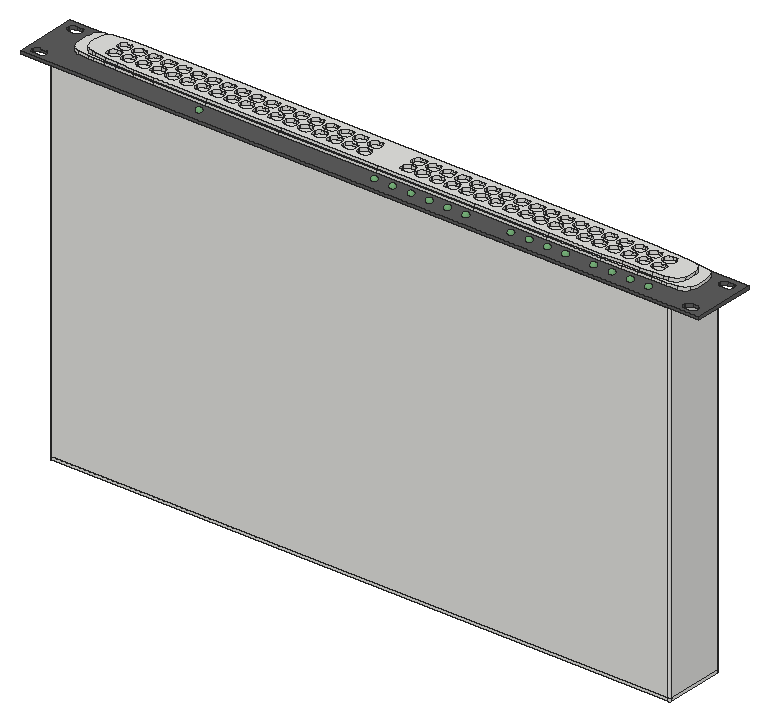
Revit family "Electronics_Expansion-Inputs_Biamp_Vocia_Input-Device_VI-6__", category Communication Devices, host Face, Revit 2020
Family settings
  Host = Face
  Maintain Annotation Orientation = No
  Round Connector Dimension = Use Diameter
  Part Type = Normal
  OmniClass Number = 23.85.10.11.14
  OmniClass Title = Audio Equipment
  Cut with Voids When Loaded = No
  Shared = No
  Room Calculation Point = No
Parameters (values of type "VI-6")
  Width = 1' - 7 1/64"  # constant formula
  Weight = 6.40 lbf
  Voltage = 0 V
  URL = "https://www.biamp.com/"
  Type Control Outputs = "Form C Voltage free change over contact\r\nForm C Voltage free change over contact"  # constant formula
  Type Control Inputs = "Digital, variable threshold"  # constant formula
  Temperature Range = "23 - 104° F (-5 – 40° C)"  # constant formula
  THD+N Mic/Line Inputs = "20Hz to 8kHz: <0.05%"  # constant formula
  THD+N Line Inputs = "20Hz to 8kHz: <0.02%"  # constant formula
  Sample Rate = "48kHz"  # constant formula
  Product data url = "https://www.bimobject.com/biamp/product/vocia-vi-6_expansion-input"
  Product Page URL = "https://www.biamp.com/products/product-families/vocia/vocia-expansion-inputs#vocia-vi-6"
  Product Documentation Link = "https://downloads.biamp.com/assets/docs/default-source/data-sheets/biamp_data_sheet_vocia_vi-6_oct18.pdf"
  Power Factor = 1
  Number of Poles = 1
  Network Connection = "Dual RJ45 with shielded Ethernet (CAT5, CAT5e, CAT6, or CAT7)"  # constant formula
  Model = "Vocia VI-6"
  Min Operating Load = "10µA at 10mV DC"  # constant formula
  Min Input Threshold = "150mV"  # constant formula
  Mic Inputs Phantom Power = "18V behind 3.3kOhm/leg"  # constant formula
  Mic Inputs Equivalent Input Noise = "<-126dBu"  # constant formula
  Max Switching Capacity = "37VA"  # constant formula
  Max Power Consumption = 0 W
  Max Operating Voltage = "125VAC, 60VDC"  # constant formula
  Max Input Voltage = "12V"  # constant formula
  Max Input Threshold = "10V"  # constant formula
  Manufacturer = "Biamp"  # constant formula
  Line Inputs Signal to Noise Ratio = ">84dB"  # constant formula
  Input Impedance Mic/Line Inputs = ">1kOhm"  # constant formula
  Input Impedance Line Inputs = ">10kOhm"  # constant formula
  Input Impedance = "100kOhm"  # constant formula
  Humidity = "0-95% relative humidity (non-condensing)"  # constant formula
  Housing Material = Biamp - Metal - Silver
  Height = 0' - 1 187/256"  # constant formula
  Frequency Response Mic/Line Inputs = "35Hz to 20kHz: ± 1dB"  # constant formula
  Frequency Response Line Inputs = "20Hz to 20kHz: ± 1dB"  # constant formula
  Dynamic Range = ">100dB"  # constant formula
  Description = "Vocia® VI-6 Input Device"
  Depth = 0' - 9 123/128"  # constant formula
  Default Elevation = 4' - 0"
  Crosstalk = "10kHz: < -75dB"  # constant formula
  Connector Description = "PoE IEEE 802.3af Class 0"  # constant formula
  Compliance = "CE marked (Europe); RoHS Directive (Europe)"  # constant formula
  Apparent Load = Max Power Consumption / Power Factor  # 0 VA
  Altitude = "0-10,000 ft (0-3000m) MSL"  # constant formula
  A/D Converters = "24-bit"  # constant formula
Reference planes (in)
  plane 1 "Center (Front/Back)": y = 0
  plane 2: z = 0
  plane 3 "Center (Left/Right)": x = 0
  plane 4: z = 0
  plane 5: y = 0.58468
  plane 6: y = -0.58468
  plane 7: x = 18.26102
Dimensions and locks (in)
  aligned and locked: plane 2 to host face
  aligned and locked: level to host face
Nested families (in)
  nested 1: "VI-6" at (9.13911, -0.865, -4.92126) x (1, 0, 0) z (0, 1, 0), type "VI-6"
Connectors (in)
  electrical at (17.26223, -0.02785, -9.80315)
    settings: on nested 1, index 1, voltage 0 V, apparent load 0 VA, apparent load phase1 0 VA, apparent load phase2 0 VA, apparent load phase3 0 VA, power factor 1, load classification "Other", number of poles 1, system type 5, power factor state 1, is connector primary yes, connector utility no, sub classification motor no, connector description "GND"
  electrical at (16.30703, -0.29753, -9.80315), driven by "Connector Description", driven by "Power Factor", driven by "Apparent Load", driven by "Voltage", driven by "Number of Poles"
    settings: on nested 1, index 2, voltage 0 V, apparent load 0 VA, apparent load phase1 0 VA, apparent load phase2 0 VA, apparent load phase3 0 VA, power factor 1, load classification "Other", number of poles 1, system type 31, power factor state 1, is connector primary no, connector utility no, sub classification motor no, connector description "PoE IEEE 802.3af Class 0"
  electrical at (13.48524, -0.39329, -9.80315)
    settings: on nested 1, index 5, voltage 0 V, apparent load 0 VA, apparent load phase1 0 VA, apparent load phase2 0 VA, apparent load phase3 0 VA, power factor 1, load classification "Other", number of poles 1, system type 5, power factor state 1, is connector primary no, connector utility no, sub classification motor no, connector description "Control Output 1"
  electrical at (12.83548, -0.39329, -9.80315)
    settings: on nested 1, index 6, voltage 0 V, apparent load 0 VA, apparent load phase1 0 VA, apparent load phase2 0 VA, apparent load phase3 0 VA, power factor 1, load classification "Other", number of poles 1, system type 5, power factor state 1, is connector primary no, connector utility no, sub classification motor no, connector description "Control Outputs 2"
  electrical at (12.10962, -0.39329, -9.80315)
    settings: on nested 1, index 7, voltage 0 V, apparent load 0 VA, apparent load phase1 0 VA, apparent load phase2 0 VA, apparent load phase3 0 VA, power factor 1, load classification "Other", number of poles 1, system type 5, power factor state 1, is connector primary no, connector utility no, sub classification motor no, connector description "Control Outputs 3"
  electrical at (11.46167, -0.39329, -9.80315)
    settings: on nested 1, index 8, voltage 0 V, apparent load 0 VA, apparent load phase1 0 VA, apparent load phase2 0 VA, apparent load phase3 0 VA, power factor 1, load classification "Other", number of poles 1, system type 5, power factor state 1, is connector primary no, connector utility no, sub classification motor no, connector description "Control Outputs 4"
  electrical at (10.30025, -0.39329, -9.80315)
    settings: on nested 1, index 9, voltage 0 V, apparent load 0 VA, apparent load phase1 0 VA, apparent load phase2 0 VA, apparent load phase3 0 VA, power factor 1, load classification "Other", number of poles 1, system type 5, power factor state 1, is connector primary no, connector utility no, sub classification motor no, connector description "Control Inputs (x2)"
  electrical at (9.62156, -0.39329, -9.80315)
    settings: on nested 1, index 10, voltage 0 V, apparent load 0 VA, apparent load phase1 0 VA, apparent load phase2 0 VA, apparent load phase3 0 VA, power factor 1, load classification "Other", number of poles 1, system type 5, power factor state 1, is connector primary no, connector utility no, sub classification motor no, connector description "Audio Input 2"
  electrical at (10.30025, 0.395, -9.80315)
    settings: on nested 1, index 11, voltage 0 V, apparent load 0 VA, apparent load phase1 0 VA, apparent load phase2 0 VA, apparent load phase3 0 VA, power factor 1, load classification "Other", number of poles 1, system type 5, power factor state 1, is connector primary no, connector utility no, sub classification motor no, connector description "Control Inputs (x2)"
  electrical at (9.62156, 0.395, -9.80315)
    settings: on nested 1, index 12, voltage 0 V, apparent load 0 VA, apparent load phase1 0 VA, apparent load phase2 0 VA, apparent load phase3 0 VA, power factor 1, load classification "Other", number of poles 1, system type 5, power factor state 1, is connector primary no, connector utility no, sub classification motor no, connector description "Audio Input 1"
  electrical at (8.88568, -0.29886, -9.80315)
    settings: on nested 1, index 13, voltage 0 V, apparent load 0 VA, apparent load phase1 0 VA, apparent load phase2 0 VA, apparent load phase3 0 VA, power factor 1, load classification "Other", number of poles 1, system type 5, power factor state 1, is connector primary no, connector utility no, sub classification motor no, connector description "Audio Input 2L"
  electrical at (8.88516, 0.25248, -9.80315)
    settings: on nested 1, index 14, voltage 0 V, apparent load 0 VA, apparent load phase1 0 VA, apparent load phase2 0 VA, apparent load phase3 0 VA, power factor 1, load classification "Other", number of poles 1, system type 5, power factor state 1, is connector primary no, connector utility no, sub classification motor no, connector description "Audio Input 1L"
  electrical at (8.17663, 0.25323, -9.80315)
    settings: on nested 1, index 15, voltage 0 V, apparent load 0 VA, apparent load phase1 0 VA, apparent load phase2 0 VA, apparent load phase3 0 VA, power factor 1, load classification "Other", number of poles 1, system type 5, power factor state 1, is connector primary no, connector utility no, sub classification motor no, connector description "Audio Input 1R"
  electrical at (7.46807, 0.25121, -9.80315)
    settings: on nested 1, index 16, voltage 0 V, apparent load 0 VA, apparent load phase1 0 VA, apparent load phase2 0 VA, apparent load phase3 0 VA, power factor 1, load classification "Other", number of poles 1, system type 5, power factor state 1, is connector primary no, connector utility no, sub classification motor no, connector description "Audio Input 3L"
  electrical at (6.7587, 0.25399, -9.80315)
    settings: on nested 1, index 17, voltage 0 V, apparent load 0 VA, apparent load phase1 0 VA, apparent load phase2 0 VA, apparent load phase3 0 VA, power factor 1, load classification "Other", number of poles 1, system type 5, power factor state 1, is connector primary no, connector utility no, sub classification motor no, connector description "Audio Input 3R"
  electrical at (6.75813, -0.29919, -9.80315)
    settings: on nested 1, index 18, voltage 0 V, apparent load 0 VA, apparent load phase1 0 VA, apparent load phase2 0 VA, apparent load phase3 0 VA, power factor 1, load classification "Other", number of poles 1, system type 5, power factor state 1, is connector primary no, connector utility no, sub classification motor no, connector description "Audio Input 4R"
  electrical at (7.46837, -0.30062, -9.80315)
    settings: on nested 1, index 19, voltage 0 V, apparent load 0 VA, apparent load phase1 0 VA, apparent load phase2 0 VA, apparent load phase3 0 VA, power factor 1, load classification "Other", number of poles 1, system type 5, power factor state 1, is connector primary no, connector utility no, sub classification motor no, connector description "Audio Input 4L"
  electrical at (8.1763, -0.2982, -9.80315)
    settings: on nested 1, index 20, voltage 0 V, apparent load 0 VA, apparent load phase1 0 VA, apparent load phase2 0 VA, apparent load phase3 0 VA, power factor 1, load classification "Other", number of poles 1, system type 5, power factor state 1, is connector primary no, connector utility no, sub classification motor no, connector description "Audio Input 2R"
  electrical at (5.40424, -0.30617, -9.80315)
    settings: on nested 1, index 21, voltage 0 V, apparent load 0 VA, apparent load phase1 0 VA, apparent load phase2 0 VA, apparent load phase3 0 VA, power factor 1, load classification "Other", number of poles 1, system type 5, power factor state 1, is connector primary no, connector utility no, sub classification motor no, connector description "Audio Input 6"
  electrical at (5.40424, 0.42455, -9.80315)
    settings: on nested 1, index 22, voltage 0 V, apparent load 0 VA, apparent load phase1 0 VA, apparent load phase2 0 VA, apparent load phase3 0 VA, power factor 1, load classification "Other", number of poles 1, system type 5, power factor state 1, is connector primary no, connector utility no, sub classification motor no, connector description "Audio Input 5"
  electrical at (4.35663, -0.2451, -9.80315)
    settings: on nested 1, index 23, voltage 0 V, apparent load 0 VA, apparent load phase1 0 VA, apparent load phase2 0 VA, apparent load phase3 0 VA, power factor 1, load classification "Other", number of poles 1, system type 5, power factor state 1, is connector primary no, connector utility no, sub classification motor no, connector description "Paging Port"
  electrical at (3.70669, -0.2451, -9.80315)
    settings: on nested 1, index 24, voltage 0 V, apparent load 0 VA, apparent load phase1 0 VA, apparent load phase2 0 VA, apparent load phase3 0 VA, power factor 1, load classification "Other", number of poles 1, system type 5, power factor state 1, is connector primary no, connector utility no, sub classification motor no, connector description "Paging Port"
  electrical at (3.05675, -0.2451, -9.80315)
    settings: on nested 1, index 25, voltage 0 V, apparent load 0 VA, apparent load phase1 0 VA, apparent load phase2 0 VA, apparent load phase3 0 VA, power factor 1, load classification "Other", number of poles 1, system type 5, power factor state 1, is connector primary no, connector utility no, sub classification motor no, connector description "Paging Port"
  electrical at (2.4068, -0.2451, -9.80315)
    settings: on nested 1, index 26, voltage 0 V, apparent load 0 VA, apparent load phase1 0 VA, apparent load phase2 0 VA, apparent load phase3 0 VA, power factor 1, load classification "Other", number of poles 1, system type 5, power factor state 1, is connector primary no, connector utility no, sub classification motor no, connector description "Paging Port"
  electrical at (6.03169, 0.42455, -9.80315)
    settings: on nested 1, index 27, voltage 0 V, apparent load 0 VA, apparent load phase1 0 VA, apparent load phase2 0 VA, apparent load phase3 0 VA, power factor 1, load classification "Other", number of poles 1, system type 5, power factor state 1, is connector primary no, connector utility no, sub classification motor no, connector description "Audio Input 3"
  electrical at (6.04153, -0.30617, -9.80315)
    settings: on nested 1, index 28, voltage 0 V, apparent load 0 VA, apparent load phase1 0 VA, apparent load phase2 0 VA, apparent load phase3 0 VA, power factor 1, load classification "Other", number of poles 1, system type 5, power factor state 1, is connector primary no, connector utility no, sub classification motor no, connector description "Audio Input 4"
Definition of nested family "VI-6"
  Parameters (values of type "VI-6")
    Width = 1' - 7.01575"
    VI-8 visible panel back = no
    VI-6 visible panel back = yes
    URL = ""
    Model = ""
    Material Table Mount = none
    Material Case = none
    Material 2 = none
    Material 1 = none
    Manufacturer = ""
    Height = 0' - 1.73228"
    Description = ""
    Depth = 0' - 9.96063"
    Default Elevation = 4' - 0"
  Reference planes (in)
    plane 1 "Center (Front/Back)": y = 0
    plane 2: z = 0
    plane 3 "Center (Left/Right)": x = 0
    plane 4: x = -9.50787
    plane 5: x = 9.50787
    plane 6 "1": y = 4.96063
    plane 7: y = -4.96063
    plane 8: y = -4.92126
    plane 9: y = -5
    plane 10: y = 4.88189
    plane 11: z = 1.73228
    plane 12: z = 0
    plane 13: x = 8.69968
    plane 14: x = -8.69887
    plane 15 "12": z = 0.39953
    plane 16: z = 0.34375
  Forms (in)
    Extrusion 1, solid
      sketch origin (0, 0, 0) x (1, 0, 0) y (0, 1, 0)
        loop
          line (-48, 48) -> (-48, -48) -> (48, -48) -> (48, 48) -> (-48, 48)
      from 0 to -12
    Extrusion 2, solid, material <- "Material Table Mount", detail levels fine
      sketch origin (0, 0, 0) x (1, 0, 0) y (0, 1, 0)
        loop
          line (-9.50787, -4.92126) -> (-9.50787, -5) -> (9.50787, -5) -> (9.50787, -4.92126) -> (-9.50787, -4.92126)
      from 0 to 1.73228
    Extrusion 3, void
      sketch origin (0, 0, 0) x (1, 0, 0) y (0, 0, 1)
        loop
          line (-9.07055, 1.598) -> (-9.20767, 1.598)
          arc (-9.20767, 1.598) -> (-9.29623, 1.56446) -> (-9.34035, 1.48066) r 0.13368
          line (-9.34035, 1.48066) -> (-9.34035, 1.44968)
          arc (-9.34035, 1.44968) -> (-9.29668, 1.36499) -> (-9.20767, 1.33099) r 0.13351
          line (-9.20767, 1.33099) -> (-9.07055, 1.33099)
          arc (-9.07055, 1.33099) -> (-8.98151, 1.36499) -> (-8.9378, 1.44968) r 0.13359
          line (-8.9378, 1.44968) -> (-8.9378, 1.48066)
          arc (-8.9378, 1.48066) -> (-8.98196, 1.56446) -> (-9.07055, 1.598) r 0.13377
        loop
          line (-9.07055, 0.35385) -> (-9.20767, 0.35385)
          arc (-9.20767, 0.35385) -> (-9.29623, 0.32031) -> (-9.34035, 0.2365) r 0.13368
          line (-9.34035, 0.2365) -> (-9.34035, 0.20553)
          arc (-9.34035, 0.20553) -> (-9.29668, 0.12084) -> (-9.20767, 0.08683) r 0.13351
          line (-9.20767, 0.08683) -> (-9.07055, 0.08683)
          arc (-9.07055, 0.08683) -> (-8.98151, 0.12083) -> (-8.9378, 0.20553) r 0.13359
          line (-8.9378, 0.20553) -> (-8.9378, 0.2365)
          arc (-8.9378, 0.2365) -> (-8.98196, 0.32031) -> (-9.07055, 0.35385) r 0.13377
        loop
          line (9.19047, 1.598) -> (9.05335, 1.598)
          arc (9.05335, 1.598) -> (8.96479, 1.56446) -> (8.92067, 1.48066) r 0.13368
          line (8.92067, 1.48066) -> (8.92067, 1.44968)
          arc (8.92067, 1.44968) -> (8.96434, 1.36499) -> (9.05335, 1.33099) r 0.13351
          line (9.05335, 1.33099) -> (9.19047, 1.33099)
          arc (9.19047, 1.33099) -> (9.27951, 1.36499) -> (9.32323, 1.44968) r 0.13359
          line (9.32323, 1.44968) -> (9.32323, 1.48066)
          arc (9.32323, 1.48066) -> (9.27906, 1.56446) -> (9.19047, 1.598) r 0.13377
        loop
          line (9.19047, 0.35385) -> (9.05335, 0.35385)
          arc (9.05335, 0.35385) -> (8.96479, 0.32031) -> (8.92067, 0.2365) r 0.13368
          line (8.92067, 0.2365) -> (8.92067, 0.20553)
          arc (8.92067, 0.20553) -> (8.96434, 0.12084) -> (9.05335, 0.08683) r 0.13351
          line (9.05335, 0.08683) -> (9.19047, 0.08683)
          arc (9.19047, 0.08683) -> (9.27951, 0.12083) -> (9.32323, 0.20553) r 0.13359
          line (9.32323, 0.20553) -> (9.32323, 0.2365)
          arc (9.32323, 0.2365) -> (9.27906, 0.32031) -> (9.19047, 0.35385) r 0.13377
      from 4.92126 to 5.01259
    Extrusion 4, solid, material <- "Material Table Mount", detail levels coarse+medium
      sketch origin (0, 0, 0.39953) x (-1, 0, 0) y (0, -1, 0)
        loop
          line (-9.50787, 4.92126) -> (9.50787, 4.92126) -> (9.50787, 5) -> (-9.50787, 5) -> (-9.50787, 4.92126)
      from -0.39953 to 1.33276
    Extrusion 5, solid, material <- "Material Case", detail levels coarse
      sketch origin (0, 0, 0.39953) x (-1, 0, 0) y (0, -1, 0)
        loop
          line (-8.69968, -4.96063) -> (8.69887, -4.96063) -> (8.69887, 4.92126) -> (-8.69968, 4.92126) -> (-8.69968, -4.96063)
      from -0.39953 to 1.33276
    Extrusion 6, void
      sketch origin (0, 4.96063, 0) x (-1, 0, 0) y (0, 0, 1)
        loop
          line (-7.49289, 0.83273) -> (-7.49289, 0.30221) -> (-6.84295, 0.30221) -> (-6.84295, 0.83273) -> (-7.49289, 0.83273)
        loop
          line (-4.64352, 0.57811) -> (-4.64352, 0.36531) -> (-4.04874, 0.36531) -> (-4.04874, 0.57811) -> (-4.64352, 0.57811)
        loop
          line (-3.2649, 0.57811) -> (-3.2649, 0.36531) -> (-2.67611, 0.36531) -> (-2.67611, 0.57811) -> (-3.2649, 0.57811)
        loop
          line (-2.61948, 0.57811) -> (-2.61948, 0.36531) -> (-2.02562, 0.36531) -> (-2.02562, 0.57811) -> (-2.61948, 0.57811)
        loop
          line (-3.98848, 0.57811) -> (-3.98848, 0.36531) -> (-3.40426, 0.36531) -> (-3.40426, 0.57811) -> (-3.98848, 0.57811)
        loop
          line (-1.48079, 1.36642) -> (-1.48079, 1.15358) -> (-0.84148, 1.15358) -> (-0.84148, 1.36642) -> (-1.48079, 1.36642)
        loop
          line (-0.80211, 1.36642) -> (-0.80211, 1.15358) -> (-0.16279, 1.15358) -> (-0.16279, 1.36642) -> (-0.80211, 1.36642)
        loop
          line (-1.48079, 0.57811) -> (-1.48079, 0.36531) -> (-0.84148, 0.36531) -> (-0.84148, 0.57811) -> (-1.48079, 0.57811)
        loop
          line (-0.80211, 0.57811) -> (-0.80211, 0.36531) -> (-0.16279, 0.36531) -> (-0.16279, 0.57811) -> (-0.80211, 0.57811)
        loop
          line (2.7976, 1.42553) -> (2.7976, 1.15358) -> (3.41724, 1.15358) -> (3.41724, 1.42553) -> (2.7976, 1.42553)
        loop
          line (4.03687, 1.15358) -> (4.03687, 1.42553) -> (3.43286, 1.42553) -> (3.43286, 1.15358) -> (4.03687, 1.15358)
        loop
          line (4.51676, 0.81697) -> (4.51676, 0.42284) -> (5.0482, 0.42284) -> (5.0482, 0.81697) -> (4.51676, 0.81697)
        loop
          line (5.1667, 0.81697) -> (5.1667, 0.42284) -> (5.69814, 0.42284) -> (5.69814, 0.81697) -> (5.1667, 0.81697)
        loop
          line (5.81663, 0.81697) -> (5.81663, 0.42284) -> (6.3481, 0.42284) -> (6.3481, 0.81697) -> (5.81663, 0.81697)
        loop
          line (6.46659, 0.81697) -> (6.46659, 0.42284) -> (6.99803, 0.42284) -> (6.99803, 0.81697) -> (6.46659, 0.81697)
        loop
          circle (-8.12311, 0.83715) r 0.16424
        loop
          circle (-5.50641, 0.49888) r 0.21654
        loop
          circle (-5.03613, 0.49925) r 0.21654
        loop
          circle (0.25395, 1.11748) r 0.21654
        loop
          circle (0.96248, 1.11823) r 0.21654
        loop
          circle (0.96281, 0.5668) r 0.21654
        loop
          circle (0.25343, 0.56614) r 0.21654
        loop
          circle (1.67105, 1.11621) r 0.21654
        loop
          circle (2.38041, 1.11899) r 0.21844
        loop
          circle (2.38098, 0.56581) r 0.21654
        loop
          circle (1.67074, 0.56438) r 0.21654
        loop
          line (2.77793, 0.75235) -> (2.77793, 0.36531) -> (3.41724, 0.36531) -> (3.41724, 0.75235) -> (2.77793, 0.75235)
        loop
          line (4.03687, 0.36531) -> (4.03687, 0.75235) -> (3.43286, 0.75235) -> (3.43286, 0.36531) -> (4.03687, 0.36531)
      from -0.07874 to 0
    Extrusion 7, solid, material <- "Material Case", visible <- "VI-6 visible panel back", detail levels fine
      sketch origin (0, 4.96063, 0) x (-1, 0, 0) y (0, 0, 1)
        loop
          arc (-8.63276, 1.73228) -> (-8.68008, 1.71268) -> (-8.69968, 1.66535) r 0.06693
          line (-8.69968, 1.66535) -> (-8.69968, 0.06693)
          arc (-8.69968, 0.06693) -> (-8.68008, 0.0196) -> (-8.63276, 0) r 0.06693
          line (-8.63276, 0) -> (8.63194, 0)
          arc (8.63194, 0) -> (8.67927, 0.0196) -> (8.69887, 0.06693) r 0.06693
          line (8.69887, 0.06693) -> (8.69887, 1.66535)
          arc (8.69887, 1.66535) -> (8.67927, 1.71268) -> (8.63194, 1.73228) r 0.06693
          line (8.63194, 1.73228) -> (-8.63276, 1.73228)
      from -0.07874 to 0
    Extrusion 8, solid, material <- "Material Case", detail levels fine
      sketch origin (0, 0, 0) x (1, 0, 0) y (0, 0, 1)
        loop
          arc (-8.63194, 1.73228) -> (-8.67927, 1.71268) -> (-8.69887, 1.66535) r 0.06693
          line (-8.69887, 1.66535) -> (-8.69887, 0.06693)
          arc (-8.69887, 0.06693) -> (-8.67927, 0.0196) -> (-8.63194, 0) r 0.06693
          line (-8.63194, 0) -> (8.63276, 0)
          arc (8.63276, 0) -> (8.68008, 0.0196) -> (8.69968, 0.06693) r 0.06693
          line (8.69968, 0.06693) -> (8.69968, 1.66535)
          arc (8.69968, 1.66535) -> (8.68008, 1.71268) -> (8.63276, 1.73228) r 0.06693
          line (8.63276, 1.73228) -> (-8.63194, 1.73228)
      from -4.88189 to 4.92126
    Extrusion 9, solid, material <- "Material Case", detail levels medium
      sketch origin (1.5748, 0, 0) x (1, 0, 0) y (0, 0, 1)
        loop
          arc (-10.20675, 1.73228) -> (-10.25407, 1.71268) -> (-10.27368, 1.66535) r 0.06693
          line (-10.27368, 1.66535) -> (-10.27368, 0.06693)
          arc (-10.27368, 0.06693) -> (-10.25407, 0.0196) -> (-10.20675, 0) r 0.06693
          line (-10.20675, 0) -> (7.05795, 0)
          arc (7.05795, 0) -> (7.10528, 0.0196) -> (7.12488, 0.06693) r 0.06693
          line (7.12488, 0.06693) -> (7.12488, 1.66377)
          arc (7.12488, 1.66377) -> (7.10481, 1.71222) -> (7.05636, 1.73228) r 0.06852
          line (7.05636, 1.73228) -> (-10.20675, 1.73228)
      from -4.96063 to 4.92126
    Extrusion 10, solid, material <- "Material Case", visible <- "VI-8 visible panel back", detail levels fine
      sketch origin (0, 4.96063, 0) x (-1, 0, 0) y (0, 0, 1)
        loop
          line (8.63194, 1.73228) -> (-8.63276, 1.73228)
          arc (-8.63276, 1.73228) -> (-8.68008, 1.71268) -> (-8.69968, 1.66535) r 0.06693
          line (-8.69968, 1.66535) -> (-8.69968, 0.06693)
          arc (-8.69968, 0.06693) -> (-8.68008, 0.0196) -> (-8.63276, 0) r 0.06693
          line (-8.63276, 0) -> (8.63194, 0)
          arc (8.63194, 0) -> (8.67927, 0.0196) -> (8.69887, 0.06693) r 0.06693
          line (8.69887, 0.06693) -> (8.69887, 1.66535)
          arc (8.69887, 1.66535) -> (8.67927, 1.71268) -> (8.63194, 1.73228) r 0.06693
      from -0.07874 to 0
    Extrusion 11, void
      sketch origin (0, 4.96063, 0) x (-1, 0, 0) y (0, 0, 1)
        loop
          circle (-8.11864, 0.88247) r 0.16415
        loop
          line (-5.61749, 0.3033) -> (-5.61749, 0.65589) -> (-6.01608, 0.65589) -> (-6.01608, 0.3033) -> (-5.61749, 0.3033)
        loop
          line (-5.6055, 0.3033) -> (-5.20787, 0.3033) -> (-5.20787, 0.65589) -> (-5.6055, 0.65589) -> (-5.6055, 0.3033)
        loop
          line (-4.10704, 0.43777) -> (-4.10704, 0.83147) -> (-4.63854, 0.83147) -> (-4.63854, 0.43777) -> (-4.10704, 0.43777)
        loop
          line (-4.00862, 0.83147) -> (-4.00862, 0.43777) -> (-3.47712, 0.43777) -> (-3.47712, 0.83147) -> (-4.00862, 0.83147)
        loop
          line (-1.48691, 1.29489) -> (-2.08691, 1.29489) -> (-2.08691, 0.9563) -> (-1.48691, 0.9563) -> (-1.48691, 1.29489)
        loop
          line (-1.36191, 0.9563) -> (-0.76191, 0.9563) -> (-0.76191, 1.29489) -> (-1.36191, 1.29489) -> (-1.36191, 0.9563)
        loop
          line (-0.31191, 1.29489) -> (-0.31191, 0.9563) -> (0.28809, 0.9563) -> (0.28809, 1.29489) -> (-0.31191, 1.29489)
        loop
          line (0.41309, 0.9563) -> (1.01309, 0.9563) -> (1.01309, 1.29489) -> (0.41309, 1.29489) -> (0.41309, 0.9563)
        loop
          line (1.85037, 1.29489) -> (1.85037, 0.9563) -> (2.45037, 0.9563) -> (2.45037, 1.29489) -> (1.85037, 1.29489)
        loop
          line (2.57537, 0.9563) -> (3.17537, 0.9563) -> (3.17537, 1.29489) -> (2.57537, 1.29489) -> (2.57537, 0.9563)
        loop
          line (3.62509, 1.29288) -> (3.62509, 0.9543) -> (4.22508, 0.9543) -> (4.22508, 1.29288) -> (3.62509, 1.29288)
        loop
          line (4.35008, 1.29288) -> (4.35008, 0.9543) -> (4.9501, 0.9543) -> (4.9501, 1.29288) -> (4.35008, 1.29288)
        loop
          line (3.60513, 0.65389) -> (3.60513, 0.3153) -> (4.80513, 0.3153) -> (4.80513, 0.65389) -> (3.60513, 0.65389)
        loop
          line (5.22514, 0.65389) -> (5.22514, 0.3153) -> (6.42514, 0.3153) -> (6.42514, 0.65389) -> (5.22514, 0.65389)
        loop
          line (6.84512, 0.65389) -> (6.84512, 0.3153) -> (8.04512, 0.3153) -> (8.04512, 0.65389) -> (6.84512, 0.65389)
        loop
          line (-0.3489, 0.5673) -> (-0.3489, 0.3173) -> (0.04874, 0.3173) -> (0.04874, 0.5673) -> (-0.3489, 0.5673)
        loop
          line (0.06449, 0.5673) -> (0.06449, 0.3173) -> (0.46213, 0.3173) -> (0.46213, 0.5673) -> (0.06449, 0.5673)
        loop
          line (0.5331, 0.5673) -> (0.5331, 0.3173) -> (0.93207, 0.3173) -> (0.93207, 0.5673) -> (0.5331, 0.5673)
        loop
          line (0.94406, 0.5673) -> (0.94406, 0.3173) -> (1.34413, 0.3173) -> (1.34413, 0.5673) -> (0.94406, 0.5673)
        loop
          circle (-2.07835, 0.51001) r 0.21654
        loop
          circle (-1.60927, 0.51001) r 0.21654
      from -0.07874 to 0
    Revolve 12, solid, material <- "Material 2", detail levels fine
      sketch origin (9.50787, -5, 0) x (-1, 0, 0) y (0, 0, -1)
        loop
          arc (7.90989, -0.34375) -> (7.83115, -0.26501) -> (7.75241, -0.34375) r 0.07874
          line (7.75241, -0.34375) -> (7.90989, -0.34375)
        loop
          arc (8.42174, -0.34375) -> (8.343, -0.26501) -> (8.26426, -0.34375) r 0.07874
          line (8.26426, -0.34375) -> (8.42174, -0.34375)
        loop
          arc (8.93345, -0.34375) -> (8.85471, -0.26501) -> (8.77597, -0.34375) r 0.07874
          line (8.77597, -0.34375) -> (8.93345, -0.34375)
        loop
          arc (9.44516, -0.34375) -> (9.36642, -0.26501) -> (9.28768, -0.34375) r 0.07874
          line (9.28768, -0.34375) -> (9.44516, -0.34375)
        loop
          arc (14.36408, -0.34375) -> (14.28534, -0.26501) -> (14.2066, -0.34375) r 0.07874
          line (14.2066, -0.34375) -> (14.36408, -0.34375)
        loop
          arc (5.62424, -0.34375) -> (5.5455, -0.26501) -> (5.46676, -0.34375) r 0.07874
          line (5.46676, -0.34375) -> (5.62424, -0.34375)
        loop
          arc (5.11235, -0.34375) -> (5.03361, -0.26501) -> (4.95487, -0.34375) r 0.07874
          line (4.95487, -0.34375) -> (5.11235, -0.34375)
        loop
          arc (4.60046, -0.34375) -> (4.52172, -0.26501) -> (4.44298, -0.34375) r 0.07874
          line (4.44298, -0.34375) -> (4.60046, -0.34375)
        loop
          arc (4.08849, -0.34375) -> (4.00975, -0.26501) -> (3.93101, -0.34375) r 0.07874
          line (3.93101, -0.34375) -> (4.08849, -0.34375)
        loop
          arc (3.30147, -0.34375) -> (3.22273, -0.26501) -> (3.14399, -0.34375) r 0.07874
          line (3.14399, -0.34375) -> (3.30147, -0.34375)
        loop
          arc (2.78953, -0.34375) -> (2.71079, -0.26501) -> (2.63205, -0.34375) r 0.07874
          line (2.63205, -0.34375) -> (2.78953, -0.34375)
        loop
          arc (2.27759, -0.34375) -> (2.19885, -0.26501) -> (2.12011, -0.34375) r 0.07874
          line (2.12011, -0.34375) -> (2.27759, -0.34375)
        loop
          arc (1.76526, -0.34375) -> (1.68652, -0.26501) -> (1.60778, -0.34375) r 0.07874
          line (1.60778, -0.34375) -> (1.76526, -0.34375)
        loop
          arc (6.88633, -0.34375) -> (6.80759, -0.26501) -> (6.72885, -0.34375) r 0.07874
          line (6.72885, -0.34375) -> (6.88633, -0.34375)
        loop
          arc (7.39818, -0.34375) -> (7.31944, -0.26501) -> (7.2407, -0.34375) r 0.07874
          line (7.2407, -0.34375) -> (7.39818, -0.34375)
        axis (14.36408, -0.34375) -> (1.60778, -0.34375)
      angle from 360 to 180
    Extrusion 13, solid, material <- "Material 1", detail levels medium+fine
      sketch origin (-0.00359, 0, 0) x (1, 0, 0) y (0, 0, 1)
        loop
          spline (-8.64077, 1.5063) -> (-8.65735, 1.45449) -> (-8.67111, 1.39928) -> (-8.68189, 1.34132) -> (-8.68957, 1.2813) -> (-8.69405, 1.21991) -> (-8.69529, 1.15789) -> (-8.69326, 1.09595) -> (-8.688, 1.03483) -> (-8.67956, 0.97524) -> (-8.66804, 0.91788) -> (-8.65359, 0.86344) -> (-8.63636, 0.81254)
          arc (-8.63636, 0.81254) -> (-8.53568, 0.71131) -> (-8.3997, 0.66781) r 0.30126
          line (-8.3997, 0.66781) -> (-8.09718, 0.64647) -> (-7.96202, 0.63909) -> (-7.67946, 0.629) -> (-7.31432, 0.62036) -> (-6.85355, 0.61315) -> (-6.28557, 0.6074) -> (-4.78587, 0.59874) -> (-2.72254, 0.59296) -> (0.00007, 0.59153) -> (2.72124, 0.59296) -> (4.78457, 0.59874) -> (6.28425, 0.6074) -> (6.85225, 0.61315) -> (7.31301, 0.62036) -> (7.67815, 0.629) -> (7.96073, 0.63909) -> (8.10159, 0.64678) -> (8.3997, 0.66781)
          arc (8.3997, 0.66781) -> (8.53568, 0.71131) -> (8.63636, 0.81254) r 0.30126
          spline (8.63636, 0.81254) -> (8.65359, 0.86344) -> (8.66804, 0.91788) -> (8.67956, 0.97524) -> (8.688, 1.03483) -> (8.69326, 1.09595) -> (8.69529, 1.15789) -> (8.69405, 1.21991) -> (8.68957, 1.2813) -> (8.68189, 1.34132) -> (8.67111, 1.39928) -> (8.65735, 1.45449) -> (8.64077, 1.5063)
          arc (8.64077, 1.5063) -> (8.53939, 1.61277) -> (8.3997, 1.65858) r 0.30126
          line (8.3997, 1.65858) -> (8.09857, 1.67982) -> (7.96202, 1.68728) -> (7.67946, 1.69738) -> (7.31432, 1.70603) -> (6.85355, 1.71324) -> (6.28557, 1.71901) -> (4.78587, 1.72765) -> (2.72254, 1.73341) -> (0, 1.73341) -> (-2.72254, 1.73341) -> (-4.78587, 1.72765) -> (-6.28557, 1.71901) -> (-6.85355, 1.71324) -> (-7.31432, 1.70603) -> (-7.67946, 1.69738) -> (-7.96202, 1.68728) -> (-8.09857, 1.67982) -> (-8.3997, 1.65858)
          arc (-8.3997, 1.65858) -> (-8.53939, 1.61277) -> (-8.64077, 1.5063) r 0.30126
      from 5 to 5.07874
    Extrusion 14, solid, material <- "Material 1", detail levels medium+fine
      sketch origin (-0.00359, -0.15748, 0) x (1, 0, 0) y (0, 0, 1)
        loop
          spline (-8.37154, 1.29486) -> (-8.37332, 1.26859) -> (-8.37451, 1.24218) -> (-8.37511, 1.21568) -> (-8.37511, 1.18916) -> (-8.37452, 1.16266) -> (-8.37333, 1.13625) -> (-8.37155, 1.10998) -> (-8.36918, 1.08391) -> (-8.36623, 1.05809) -> (-8.36271, 1.03258) -> (-8.35862, 1.00744) -> (-8.35396, 0.98271)
          arc (-8.35396, 0.98271) -> (-8.25757, 0.81591) -> (-8.07982, 0.74163) r 0.30126
          line (-8.07982, 0.74163) -> (-7.95889, 0.72678) -> (-7.67889, 0.69972) -> (-7.31401, 0.68698) -> (-6.85337, 0.67739) -> (-6.28549, 0.66748) -> (-4.78587, 0.64526) -> (-2.72254, 0.63949) -> (0.00007, 0.63805) -> (2.72124, 0.63949) -> (4.78457, 0.64526) -> (6.27228, 0.66588) -> (6.83902, 0.6729) -> (7.31292, 0.68465) -> (7.67104, 0.69942) -> (7.95889, 0.72678) -> (8.07982, 0.74163)
          arc (8.07982, 0.74163) -> (8.25757, 0.81591) -> (8.35396, 0.98271) r 0.30126
          spline (8.35396, 0.98271) -> (8.35862, 1.00744) -> (8.36271, 1.03258) -> (8.36623, 1.05809) -> (8.36918, 1.08391) -> (8.37155, 1.10998) -> (8.37333, 1.13625) -> (8.37452, 1.16266) -> (8.37511, 1.18916) -> (8.37511, 1.21568) -> (8.37451, 1.24218) -> (8.37332, 1.26859) -> (8.37154, 1.29486)
          arc (8.37154, 1.29486) -> (8.2982, 1.49367) -> (8.1122, 1.5952) r 0.30168
          line (8.1122, 1.5952) -> (7.92694, 1.62145) -> (7.67897, 1.63879) -> (7.32026, 1.65132) -> (6.85311, 1.66718) -> (6.28557, 1.68133) -> (4.78587, 1.68997) -> (2.72254, 1.69573) -> (0, 1.69573) -> (-2.72254, 1.69573) -> (-4.78587, 1.68997) -> (-6.28557, 1.67233) -> (-6.84373, 1.66574) -> (-7.31432, 1.65042) -> (-7.67946, 1.63496) -> (-7.92694, 1.62145) -> (-8.1122, 1.5952)
          arc (-8.1122, 1.5952) -> (-8.2982, 1.49367) -> (-8.37154, 1.29486) r 0.30168
        loop
          arc (-7.46372, 1.36914) -> (-7.50281, 1.46352) -> (-7.5972, 1.50262) r 0.13348
          line (-7.5972, 1.50262) -> (-7.68831, 1.50262)
          arc (-7.68831, 1.50262) -> (-7.78269, 1.46352) -> (-7.82179, 1.36914) r 0.13348
          line (-7.82179, 1.36914) -> (-7.82179, 1.32816)
          arc (-7.82179, 1.32816) -> (-7.78088, 1.22938) -> (-7.68211, 1.18847) r 0.13968
          line (-7.68211, 1.18847) -> (-7.6034, 1.18847)
          arc (-7.6034, 1.18847) -> (-7.50463, 1.22938) -> (-7.46372, 1.32816) r 0.13968
          line (-7.46372, 1.32816) -> (-7.46372, 1.36914)
        loop
          arc (-7.05847, 1.36914) -> (-7.09756, 1.46352) -> (-7.19195, 1.50262) r 0.13348
          line (-7.19195, 1.50262) -> (-7.28306, 1.50262)
          arc (-7.28306, 1.50262) -> (-7.37744, 1.46352) -> (-7.41654, 1.36914) r 0.13348
          line (-7.41654, 1.36914) -> (-7.41654, 1.32816)
          arc (-7.41654, 1.32816) -> (-7.37563, 1.22938) -> (-7.27685, 1.18847) r 0.13968
          line (-7.27685, 1.18847) -> (-7.19815, 1.18847)
          arc (-7.19815, 1.18847) -> (-7.09938, 1.22938) -> (-7.05847, 1.32816) r 0.13968
          line (-7.05847, 1.32816) -> (-7.05847, 1.36914)
        loop
          arc (-6.64583, 1.36914) -> (-6.68492, 1.46352) -> (-6.77931, 1.50262) r 0.13348
          line (-6.77931, 1.50262) -> (-6.87042, 1.50262)
          arc (-6.87042, 1.50262) -> (-6.96481, 1.46352) -> (-7.0039, 1.36914) r 0.13348
          line (-7.0039, 1.36914) -> (-7.0039, 1.32816)
          arc (-7.0039, 1.32816) -> (-6.96299, 1.22938) -> (-6.86422, 1.18847) r 0.13968
          line (-6.86422, 1.18847) -> (-6.78551, 1.18847)
          arc (-6.78551, 1.18847) -> (-6.68674, 1.22938) -> (-6.64583, 1.32816) r 0.13968
          line (-6.64583, 1.32816) -> (-6.64583, 1.36914)
        loop
          arc (-6.22965, 1.36914) -> (-6.26875, 1.46352) -> (-6.36313, 1.50262) r 0.13348
          line (-6.36313, 1.50262) -> (-6.45424, 1.50262)
          arc (-6.45424, 1.50262) -> (-6.54863, 1.46352) -> (-6.58773, 1.36914) r 0.13348
          line (-6.58773, 1.36914) -> (-6.58773, 1.32816)
          arc (-6.58773, 1.32816) -> (-6.54681, 1.22938) -> (-6.44804, 1.18847) r 0.13968
          line (-6.44804, 1.18847) -> (-6.36934, 1.18847)
          arc (-6.36934, 1.18847) -> (-6.27057, 1.22938) -> (-6.22965, 1.32816) r 0.13968
          line (-6.22965, 1.32816) -> (-6.22965, 1.36914)
        loop
          arc (-5.81739, 1.36914) -> (-5.85649, 1.46352) -> (-5.95088, 1.50262) r 0.13348
          line (-5.95088, 1.50262) -> (-6.04199, 1.50262)
          arc (-6.04199, 1.50262) -> (-6.13637, 1.46352) -> (-6.17547, 1.36914) r 0.13348
          line (-6.17547, 1.36914) -> (-6.17547, 1.32816)
          arc (-6.17547, 1.32816) -> (-6.13455, 1.22938) -> (-6.03578, 1.18847) r 0.13968
          line (-6.03578, 1.18847) -> (-5.95708, 1.18847)
          arc (-5.95708, 1.18847) -> (-5.85831, 1.22938) -> (-5.81739, 1.32816) r 0.13968
          line (-5.81739, 1.32816) -> (-5.81739, 1.36914)
        loop
          arc (-5.40456, 1.36914) -> (-5.44365, 1.46352) -> (-5.53804, 1.50262) r 0.13348
          line (-5.53804, 1.50262) -> (-5.62915, 1.50262)
          arc (-5.62915, 1.50262) -> (-5.72354, 1.46352) -> (-5.76263, 1.36914) r 0.13348
          line (-5.76263, 1.36914) -> (-5.76263, 1.32816)
          arc (-5.76263, 1.32816) -> (-5.72172, 1.22938) -> (-5.62295, 1.18847) r 0.13968
          line (-5.62295, 1.18847) -> (-5.54424, 1.18847)
          arc (-5.54424, 1.18847) -> (-5.44547, 1.22938) -> (-5.40456, 1.32816) r 0.13968
          line (-5.40456, 1.32816) -> (-5.40456, 1.36914)
        loop
          arc (-4.99172, 1.36914) -> (-5.03081, 1.46352) -> (-5.1252, 1.50262) r 0.13348
          line (-5.1252, 1.50262) -> (-5.21631, 1.50262)
          arc (-5.21631, 1.50262) -> (-5.31069, 1.46352) -> (-5.34979, 1.36914) r 0.13348
          line (-5.34979, 1.36914) -> (-5.34979, 1.32816)
          arc (-5.34979, 1.32816) -> (-5.30888, 1.22938) -> (-5.21011, 1.18847) r 0.13968
          line (-5.21011, 1.18847) -> (-5.1314, 1.18847)
          arc (-5.1314, 1.18847) -> (-5.03263, 1.22938) -> (-4.99172, 1.32816) r 0.13968
          line (-4.99172, 1.32816) -> (-4.99172, 1.36914)
        loop
          arc (-4.57541, 1.36914) -> (-4.61451, 1.46352) -> (-4.70889, 1.50262) r 0.13348
          line (-4.70889, 1.50262) -> (-4.8, 1.50262)
          arc (-4.8, 1.50262) -> (-4.89439, 1.46352) -> (-4.93348, 1.36914) r 0.13348
          line (-4.93348, 1.36914) -> (-4.93348, 1.32816)
          arc (-4.93348, 1.32816) -> (-4.89257, 1.22938) -> (-4.7938, 1.18847) r 0.13968
          line (-4.7938, 1.18847) -> (-4.71509, 1.18847)
          arc (-4.71509, 1.18847) -> (-4.61632, 1.22938) -> (-4.57541, 1.32816) r 0.13968
          line (-4.57541, 1.32816) -> (-4.57541, 1.36914)
        loop
          arc (-4.16257, 1.36914) -> (-4.20167, 1.46352) -> (-4.29606, 1.50262) r 0.13348
          line (-4.29606, 1.50262) -> (-4.38717, 1.50262)
          arc (-4.38717, 1.50262) -> (-4.48155, 1.46352) -> (-4.52065, 1.36914) r 0.13348
          line (-4.52065, 1.36914) -> (-4.52065, 1.32816)
          arc (-4.52065, 1.32816) -> (-4.47973, 1.22938) -> (-4.38096, 1.18847) r 0.13968
          line (-4.38096, 1.18847) -> (-4.30226, 1.18847)
          arc (-4.30226, 1.18847) -> (-4.20349, 1.22938) -> (-4.16257, 1.32816) r 0.13968
          line (-4.16257, 1.32816) -> (-4.16257, 1.36914)
        loop
          arc (-3.7532, 1.36914) -> (-3.7923, 1.46352) -> (-3.88669, 1.50262) r 0.13348
          line (-3.88669, 1.50262) -> (-3.9778, 1.50262)
          arc (-3.9778, 1.50262) -> (-4.07218, 1.46352) -> (-4.11128, 1.36914) r 0.13348
          line (-4.11128, 1.36914) -> (-4.11128, 1.32816)
          arc (-4.11128, 1.32816) -> (-4.07036, 1.22938) -> (-3.97159, 1.18847) r 0.13968
          line (-3.97159, 1.18847) -> (-3.89289, 1.18847)
          arc (-3.89289, 1.18847) -> (-3.79412, 1.22938) -> (-3.7532, 1.32816) r 0.13968
          line (-3.7532, 1.32816) -> (-3.7532, 1.36914)
        loop
          arc (-3.34036, 1.36914) -> (-3.37946, 1.46352) -> (-3.47384, 1.50262) r 0.13348
          line (-3.47384, 1.50262) -> (-3.56495, 1.50262)
          arc (-3.56495, 1.50262) -> (-3.65934, 1.46352) -> (-3.69843, 1.36914) r 0.13348
          line (-3.69843, 1.36914) -> (-3.69843, 1.32816)
          arc (-3.69843, 1.32816) -> (-3.65752, 1.22938) -> (-3.55875, 1.18847) r 0.13968
          line (-3.55875, 1.18847) -> (-3.48005, 1.18847)
          arc (-3.48005, 1.18847) -> (-3.38127, 1.22938) -> (-3.34036, 1.32816) r 0.13968
          line (-3.34036, 1.32816) -> (-3.34036, 1.36914)
        loop
          arc (-2.92405, 1.36914) -> (-2.96315, 1.46352) -> (-3.05754, 1.50262) r 0.13348
          line (-3.05754, 1.50262) -> (-3.14865, 1.50262)
          arc (-3.14865, 1.50262) -> (-3.24303, 1.46352) -> (-3.28213, 1.36914) r 0.13348
          line (-3.28213, 1.36914) -> (-3.28213, 1.32816)
          arc (-3.28213, 1.32816) -> (-3.24121, 1.22938) -> (-3.14244, 1.18847) r 0.13968
          line (-3.14244, 1.18847) -> (-3.06374, 1.18847)
          arc (-3.06374, 1.18847) -> (-2.96497, 1.22938) -> (-2.92405, 1.32816) r 0.13968
          line (-2.92405, 1.32816) -> (-2.92405, 1.36914)
        loop
          arc (-2.51122, 1.36914) -> (-2.55032, 1.46352) -> (-2.6447, 1.50262) r 0.13348
          line (-2.6447, 1.50262) -> (-2.73581, 1.50262)
          arc (-2.73581, 1.50262) -> (-2.8302, 1.46352) -> (-2.86929, 1.36914) r 0.13348
          line (-2.86929, 1.36914) -> (-2.86929, 1.32816)
          arc (-2.86929, 1.32816) -> (-2.82838, 1.22938) -> (-2.72961, 1.18847) r 0.13968
          line (-2.72961, 1.18847) -> (-2.6509, 1.18847)
          arc (-2.6509, 1.18847) -> (-2.55213, 1.22938) -> (-2.51122, 1.32816) r 0.13968
          line (-2.51122, 1.32816) -> (-2.51122, 1.36914)
        loop
          arc (-2.10165, 1.36914) -> (-2.14075, 1.46352) -> (-2.23514, 1.50262) r 0.13348
          line (-2.23514, 1.50262) -> (-2.32625, 1.50262)
          arc (-2.32625, 1.50262) -> (-2.42063, 1.46352) -> (-2.45973, 1.36914) r 0.13348
          line (-2.45973, 1.36914) -> (-2.45973, 1.32816)
          arc (-2.45973, 1.32816) -> (-2.41882, 1.22938) -> (-2.32004, 1.18847) r 0.13968
          line (-2.32004, 1.18847) -> (-2.24134, 1.18847)
          arc (-2.24134, 1.18847) -> (-2.14257, 1.22938) -> (-2.10165, 1.32816) r 0.13968
          line (-2.10165, 1.32816) -> (-2.10165, 1.36914)
        loop
          arc (-1.68901, 1.36914) -> (-1.7281, 1.46352) -> (-1.82249, 1.50262) r 0.13348
          line (-1.82249, 1.50262) -> (-1.9136, 1.50262)
          arc (-1.9136, 1.50262) -> (-2.00798, 1.46352) -> (-2.04708, 1.36914) r 0.13348
          line (-2.04708, 1.36914) -> (-2.04708, 1.32816)
          arc (-2.04708, 1.32816) -> (-2.00617, 1.22938) -> (-1.9074, 1.18847) r 0.13968
          line (-1.9074, 1.18847) -> (-1.82869, 1.18847)
          arc (-1.82869, 1.18847) -> (-1.72992, 1.22938) -> (-1.68901, 1.32816) r 0.13968
          line (-1.68901, 1.32816) -> (-1.68901, 1.36914)
        loop
          arc (-1.2727, 1.36914) -> (-1.3118, 1.46352) -> (-1.40618, 1.50262) r 0.13348
          line (-1.40618, 1.50262) -> (-1.49729, 1.50262)
          arc (-1.49729, 1.50262) -> (-1.59168, 1.46352) -> (-1.63077, 1.36914) r 0.13348
          line (-1.63077, 1.36914) -> (-1.63077, 1.32816)
          arc (-1.63077, 1.32816) -> (-1.58986, 1.22938) -> (-1.49109, 1.18847) r 0.13968
          line (-1.49109, 1.18847) -> (-1.41238, 1.18847)
          arc (-1.41238, 1.18847) -> (-1.31361, 1.22938) -> (-1.2727, 1.32816) r 0.13968
          line (-1.2727, 1.32816) -> (-1.2727, 1.36914)
        loop
          arc (-0.85986, 1.36914) -> (-0.89895, 1.46352) -> (-0.99334, 1.50262) r 0.13348
          line (-0.99334, 1.50262) -> (-1.08445, 1.50262)
          arc (-1.08445, 1.50262) -> (-1.17883, 1.46352) -> (-1.21793, 1.36914) r 0.13348
          line (-1.21793, 1.36914) -> (-1.21793, 1.32816)
          arc (-1.21793, 1.32816) -> (-1.17702, 1.22938) -> (-1.07825, 1.18847) r 0.13968
          line (-1.07825, 1.18847) -> (-0.99954, 1.18847)
          arc (-0.99954, 1.18847) -> (-0.90077, 1.22938) -> (-0.85986, 1.32816) r 0.13968
          line (-0.85986, 1.32816) -> (-0.85986, 1.36914)
        loop
          arc (-0.44355, 1.36914) -> (-0.48265, 1.46352) -> (-0.57703, 1.50262) r 0.13348
          line (-0.57703, 1.50262) -> (-0.66814, 1.50262)
          arc (-0.66814, 1.50262) -> (-0.76253, 1.46352) -> (-0.80162, 1.36914) r 0.13348
          line (-0.80162, 1.36914) -> (-0.80162, 1.32816)
          arc (-0.80162, 1.32816) -> (-0.76071, 1.22938) -> (-0.66194, 1.18847) r 0.13968
          line (-0.66194, 1.18847) -> (-0.58323, 1.18847)
          arc (-0.58323, 1.18847) -> (-0.48446, 1.22938) -> (-0.44355, 1.32816) r 0.13968
          line (-0.44355, 1.32816) -> (-0.44355, 1.36914)
        loop
          arc (0.77646, 1.36914) -> (0.73736, 1.46352) -> (0.64297, 1.50262) r 0.13348
          line (0.64297, 1.50262) -> (0.55186, 1.50262)
          arc (0.55186, 1.50262) -> (0.45748, 1.46352) -> (0.41838, 1.36914) r 0.13348
          line (0.41838, 1.36914) -> (0.41838, 1.32816)
          arc (0.41838, 1.32816) -> (0.45929, 1.22938) -> (0.55807, 1.18847) r 0.13968
          line (0.55807, 1.18847) -> (0.63677, 1.18847)
          arc (0.63677, 1.18847) -> (0.73554, 1.22938) -> (0.77646, 1.32816) r 0.13968
          line (0.77646, 1.32816) -> (0.77646, 1.36914)
        loop
          arc (1.18171, 1.36914) -> (1.14261, 1.46352) -> (1.04823, 1.50262) r 0.13348
          line (1.04823, 1.50262) -> (0.95712, 1.50262)
          arc (0.95712, 1.50262) -> (0.86273, 1.46352) -> (0.82363, 1.36914) r 0.13348
          line (0.82363, 1.36914) -> (0.82363, 1.32816)
          arc (0.82363, 1.32816) -> (0.86455, 1.22938) -> (0.96332, 1.18847) r 0.13968
          line (0.96332, 1.18847) -> (1.04202, 1.18847)
          arc (1.04202, 1.18847) -> (1.14079, 1.22938) -> (1.18171, 1.32816) r 0.13968
          line (1.18171, 1.32816) -> (1.18171, 1.36914)
        loop
          arc (1.59434, 1.36914) -> (1.55525, 1.46352) -> (1.46086, 1.50262) r 0.13348
          line (1.46086, 1.50262) -> (1.36975, 1.50262)
          arc (1.36975, 1.50262) -> (1.27537, 1.46352) -> (1.23627, 1.36914) r 0.13348
          line (1.23627, 1.36914) -> (1.23627, 1.32816)
          arc (1.23627, 1.32816) -> (1.27718, 1.22938) -> (1.37596, 1.18847) r 0.13968
          line (1.37596, 1.18847) -> (1.45466, 1.18847)
          arc (1.45466, 1.18847) -> (1.55343, 1.22938) -> (1.59434, 1.32816) r 0.13968
          line (1.59434, 1.32816) -> (1.59434, 1.36914)
        loop
          arc (2.01052, 1.36914) -> (1.97142, 1.46352) -> (1.87704, 1.50262) r 0.13348
          line (1.87704, 1.50262) -> (1.78593, 1.50262)
          arc (1.78593, 1.50262) -> (1.69154, 1.46352) -> (1.65245, 1.36914) r 0.13348
          line (1.65245, 1.36914) -> (1.65245, 1.32816)
          arc (1.65245, 1.32816) -> (1.69336, 1.22938) -> (1.79213, 1.18847) r 0.13968
          line (1.79213, 1.18847) -> (1.87083, 1.18847)
          arc (1.87083, 1.18847) -> (1.96961, 1.22938) -> (2.01052, 1.32816) r 0.13968
          line (2.01052, 1.32816) -> (2.01052, 1.36914)
        loop
          arc (2.42278, 1.36914) -> (2.38368, 1.46352) -> (2.2893, 1.50262) r 0.13348
          line (2.2893, 1.50262) -> (2.19819, 1.50262)
          arc (2.19819, 1.50262) -> (2.1038, 1.46352) -> (2.0647, 1.36914) r 0.13348
          line (2.0647, 1.36914) -> (2.0647, 1.32816)
          arc (2.0647, 1.32816) -> (2.10562, 1.22938) -> (2.20439, 1.18847) r 0.13968
          line (2.20439, 1.18847) -> (2.28309, 1.18847)
          arc (2.28309, 1.18847) -> (2.38187, 1.22938) -> (2.42278, 1.32816) r 0.13968
          line (2.42278, 1.32816) -> (2.42278, 1.36914)
        loop
          arc (2.83561, 1.36914) -> (2.79652, 1.46352) -> (2.70213, 1.50262) r 0.13348
          line (2.70213, 1.50262) -> (2.61102, 1.50262)
          arc (2.61102, 1.50262) -> (2.51664, 1.46352) -> (2.47754, 1.36914) r 0.13348
          line (2.47754, 1.36914) -> (2.47754, 1.32816)
          arc (2.47754, 1.32816) -> (2.51845, 1.22938) -> (2.61722, 1.18847) r 0.13968
          line (2.61722, 1.18847) -> (2.69593, 1.18847)
          arc (2.69593, 1.18847) -> (2.7947, 1.22938) -> (2.83561, 1.32816) r 0.13968
          line (2.83561, 1.32816) -> (2.83561, 1.36914)
        loop
          arc (3.24846, 1.36914) -> (3.20936, 1.46352) -> (3.11497, 1.50262) r 0.13348
          line (3.11497, 1.50262) -> (3.02386, 1.50262)
          arc (3.02386, 1.50262) -> (2.92948, 1.46352) -> (2.89038, 1.36914) r 0.13348
          line (2.89038, 1.36914) -> (2.89038, 1.32816)
          arc (2.89038, 1.32816) -> (2.93129, 1.22938) -> (3.03007, 1.18847) r 0.13968
          line (3.03007, 1.18847) -> (3.10877, 1.18847)
          arc (3.10877, 1.18847) -> (3.20754, 1.22938) -> (3.24846, 1.32816) r 0.13968
          line (3.24846, 1.32816) -> (3.24846, 1.36914)
        loop
          arc (3.66476, 1.36914) -> (3.62567, 1.46352) -> (3.53128, 1.50262) r 0.13348
          line (3.53128, 1.50262) -> (3.44017, 1.50262)
          arc (3.44017, 1.50262) -> (3.34579, 1.46352) -> (3.30669, 1.36914) r 0.13348
          line (3.30669, 1.36914) -> (3.30669, 1.32816)
          arc (3.30669, 1.32816) -> (3.3476, 1.22938) -> (3.44637, 1.18847) r 0.13968
          line (3.44637, 1.18847) -> (3.52508, 1.18847)
          arc (3.52508, 1.18847) -> (3.62385, 1.22938) -> (3.66476, 1.32816) r 0.13968
          line (3.66476, 1.32816) -> (3.66476, 1.36914)
        loop
          arc (4.0776, 1.36914) -> (4.0385, 1.46352) -> (3.94412, 1.50262) r 0.13348
          line (3.94412, 1.50262) -> (3.85301, 1.50262)
          arc (3.85301, 1.50262) -> (3.75862, 1.46352) -> (3.71952, 1.36914) r 0.13348
          line (3.71952, 1.36914) -> (3.71952, 1.32816)
          arc (3.71952, 1.32816) -> (3.76044, 1.22938) -> (3.85921, 1.18847) r 0.13968
          line (3.85921, 1.18847) -> (3.93791, 1.18847)
          arc (3.93791, 1.18847) -> (4.03669, 1.22938) -> (4.0776, 1.32816) r 0.13968
          line (4.0776, 1.32816) -> (4.0776, 1.36914)
        loop
          arc (4.48697, 1.36914) -> (4.44787, 1.46352) -> (4.35349, 1.50262) r 0.13348
          line (4.35349, 1.50262) -> (4.26238, 1.50262)
          arc (4.26238, 1.50262) -> (4.16799, 1.46352) -> (4.12889, 1.36914) r 0.13348
          line (4.12889, 1.36914) -> (4.12889, 1.32816)
          arc (4.12889, 1.32816) -> (4.16981, 1.22938) -> (4.26858, 1.18847) r 0.13968
          line (4.26858, 1.18847) -> (4.34728, 1.18847)
          arc (4.34728, 1.18847) -> (4.44606, 1.22938) -> (4.48697, 1.32816) r 0.13968
          line (4.48697, 1.32816) -> (4.48697, 1.36914)
        loop
          arc (4.89981, 1.36914) -> (4.86071, 1.46352) -> (4.76633, 1.50262) r 0.13348
          line (4.76633, 1.50262) -> (4.67522, 1.50262)
          arc (4.67522, 1.50262) -> (4.58083, 1.46352) -> (4.54174, 1.36914) r 0.13348
          line (4.54174, 1.36914) -> (4.54174, 1.32816)
          arc (4.54174, 1.32816) -> (4.58265, 1.22938) -> (4.68142, 1.18847) r 0.13968
          line (4.68142, 1.18847) -> (4.76013, 1.18847)
          arc (4.76013, 1.18847) -> (4.8589, 1.22938) -> (4.89981, 1.32816) r 0.13968
          line (4.89981, 1.32816) -> (4.89981, 1.36914)
        loop
          arc (5.31612, 1.36914) -> (5.27702, 1.46352) -> (5.18264, 1.50262) r 0.13348
          line (5.18264, 1.50262) -> (5.09153, 1.50262)
          arc (5.09153, 1.50262) -> (4.99714, 1.46352) -> (4.95804, 1.36914) r 0.13348
          line (4.95804, 1.36914) -> (4.95804, 1.32816)
          arc (4.95804, 1.32816) -> (4.99896, 1.22938) -> (5.09773, 1.18847) r 0.13968
          line (5.09773, 1.18847) -> (5.17643, 1.18847)
          arc (5.17643, 1.18847) -> (5.2752, 1.22938) -> (5.31612, 1.32816) r 0.13968
          line (5.31612, 1.32816) -> (5.31612, 1.36914)
        loop
          arc (5.72895, 1.36914) -> (5.68986, 1.46352) -> (5.59547, 1.50262) r 0.13348
          line (5.59547, 1.50262) -> (5.50436, 1.50262)
          arc (5.50436, 1.50262) -> (5.40998, 1.46352) -> (5.37088, 1.36914) r 0.13348
          line (5.37088, 1.36914) -> (5.37088, 1.32816)
          arc (5.37088, 1.32816) -> (5.41179, 1.22938) -> (5.51056, 1.18847) r 0.13968
          line (5.51056, 1.18847) -> (5.58927, 1.18847)
          arc (5.58927, 1.18847) -> (5.68804, 1.22938) -> (5.72895, 1.32816) r 0.13968
          line (5.72895, 1.32816) -> (5.72895, 1.36914)
        loop
          arc (6.13852, 1.36914) -> (6.09942, 1.46352) -> (6.00504, 1.50262) r 0.13348
          line (6.00504, 1.50262) -> (5.91393, 1.50262)
          arc (5.91393, 1.50262) -> (5.81954, 1.46352) -> (5.78044, 1.36914) r 0.13348
          line (5.78044, 1.36914) -> (5.78044, 1.32816)
          arc (5.78044, 1.32816) -> (5.82136, 1.22938) -> (5.92013, 1.18847) r 0.13968
          line (5.92013, 1.18847) -> (5.99883, 1.18847)
          arc (5.99883, 1.18847) -> (6.0976, 1.22938) -> (6.13852, 1.32816) r 0.13968
          line (6.13852, 1.32816) -> (6.13852, 1.36914)
        loop
          arc (6.55116, 1.36914) -> (6.51207, 1.46352) -> (6.41768, 1.50262) r 0.13348
          line (6.41768, 1.50262) -> (6.32657, 1.50262)
          arc (6.32657, 1.50262) -> (6.23219, 1.46352) -> (6.19309, 1.36914) r 0.13348
          line (6.19309, 1.36914) -> (6.19309, 1.32816)
          arc (6.19309, 1.32816) -> (6.234, 1.22938) -> (6.33278, 1.18847) r 0.13968
          line (6.33278, 1.18847) -> (6.41148, 1.18847)
          arc (6.41148, 1.18847) -> (6.51025, 1.22938) -> (6.55116, 1.32816) r 0.13968
          line (6.55116, 1.32816) -> (6.55116, 1.36914)
        loop
          arc (6.96747, 1.36914) -> (6.92838, 1.46352) -> (6.83399, 1.50262) r 0.13348
          line (6.83399, 1.50262) -> (6.74288, 1.50262)
          arc (6.74288, 1.50262) -> (6.64849, 1.46352) -> (6.6094, 1.36914) r 0.13348
          line (6.6094, 1.36914) -> (6.6094, 1.32816)
          arc (6.6094, 1.32816) -> (6.65031, 1.22938) -> (6.74908, 1.18847) r 0.13968
          line (6.74908, 1.18847) -> (6.82779, 1.18847)
          arc (6.82779, 1.18847) -> (6.92656, 1.22938) -> (6.96747, 1.32816) r 0.13968
          line (6.96747, 1.32816) -> (6.96747, 1.36914)
        loop
          arc (7.38031, 1.36914) -> (7.34122, 1.46352) -> (7.24683, 1.50262) r 0.13348
          line (7.24683, 1.50262) -> (7.15572, 1.50262)
          arc (7.15572, 1.50262) -> (7.06134, 1.46352) -> (7.02224, 1.36914) r 0.13348
          line (7.02224, 1.36914) -> (7.02224, 1.32816)
          arc (7.02224, 1.32816) -> (7.06315, 1.22938) -> (7.16193, 1.18847) r 0.13968
          line (7.16193, 1.18847) -> (7.24063, 1.18847)
          arc (7.24063, 1.18847) -> (7.3394, 1.22938) -> (7.38031, 1.32816) r 0.13968
          line (7.38031, 1.32816) -> (7.38031, 1.36914)
        loop
          arc (7.79662, 1.36914) -> (7.75753, 1.46352) -> (7.66314, 1.50262) r 0.13348
          line (7.66314, 1.50262) -> (7.57203, 1.50262)
          arc (7.57203, 1.50262) -> (7.47764, 1.46352) -> (7.43855, 1.36914) r 0.13348
          line (7.43855, 1.36914) -> (7.43855, 1.32816)
          arc (7.43855, 1.32816) -> (7.47946, 1.22938) -> (7.57823, 1.18847) r 0.13968
          line (7.57823, 1.18847) -> (7.65694, 1.18847)
          arc (7.65694, 1.18847) -> (7.75571, 1.22938) -> (7.79662, 1.32816) r 0.13968
          line (7.79662, 1.32816) -> (7.79662, 1.36914)
        loop
          arc (-7.68831, 1.12693) -> (-7.78269, 1.08784) -> (-7.82179, 0.99345) r 0.13348
          line (-7.82179, 0.99345) -> (-7.82179, 0.95247)
          arc (-7.82179, 0.95247) -> (-7.78088, 0.8537) -> (-7.68211, 0.81278) r 0.13968
          line (-7.68211, 0.81278) -> (-7.6034, 0.81278)
          arc (-7.6034, 0.81278) -> (-7.50463, 0.8537) -> (-7.46372, 0.95247) r 0.13968
          line (-7.46372, 0.95247) -> (-7.46372, 0.99345)
          arc (-7.46372, 0.99345) -> (-7.50281, 1.08784) -> (-7.5972, 1.12693) r 0.13348
          line (-7.5972, 1.12693) -> (-7.68831, 1.12693)
        loop
          arc (-7.28306, 1.12693) -> (-7.37744, 1.08784) -> (-7.41654, 0.99345) r 0.13348
          line (-7.41654, 0.99345) -> (-7.41654, 0.95247)
          arc (-7.41654, 0.95247) -> (-7.37563, 0.8537) -> (-7.27685, 0.81278) r 0.13968
          line (-7.27685, 0.81278) -> (-7.19815, 0.81278)
          arc (-7.19815, 0.81278) -> (-7.09938, 0.8537) -> (-7.05847, 0.95247) r 0.13968
          line (-7.05847, 0.95247) -> (-7.05847, 0.99345)
          arc (-7.05847, 0.99345) -> (-7.09756, 1.08784) -> (-7.19195, 1.12693) r 0.13348
          line (-7.19195, 1.12693) -> (-7.28306, 1.12693)
        loop
          arc (-6.87042, 1.12693) -> (-6.96481, 1.08784) -> (-7.0039, 0.99345) r 0.13348
          line (-7.0039, 0.99345) -> (-7.0039, 0.95247)
          arc (-7.0039, 0.95247) -> (-6.96299, 0.8537) -> (-6.86422, 0.81278) r 0.13968
          line (-6.86422, 0.81278) -> (-6.78551, 0.81278)
          arc (-6.78551, 0.81278) -> (-6.68674, 0.8537) -> (-6.64583, 0.95247) r 0.13968
          line (-6.64583, 0.95247) -> (-6.64583, 0.99345)
          arc (-6.64583, 0.99345) -> (-6.68492, 1.08784) -> (-6.77931, 1.12693) r 0.13348
          line (-6.77931, 1.12693) -> (-6.87042, 1.12693)
        loop
          arc (-6.45424, 1.12693) -> (-6.54863, 1.08784) -> (-6.58773, 0.99345) r 0.13348
          line (-6.58773, 0.99345) -> (-6.58773, 0.95247)
          arc (-6.58773, 0.95247) -> (-6.54681, 0.8537) -> (-6.44804, 0.81278) r 0.13968
          line (-6.44804, 0.81278) -> (-6.36934, 0.81278)
          arc (-6.36934, 0.81278) -> (-6.27057, 0.8537) -> (-6.22965, 0.95247) r 0.13968
          line (-6.22965, 0.95247) -> (-6.22965, 0.99345)
          arc (-6.22965, 0.99345) -> (-6.26875, 1.08784) -> (-6.36313, 1.12693) r 0.13348
          line (-6.36313, 1.12693) -> (-6.45424, 1.12693)
        loop
          arc (-6.04199, 1.12693) -> (-6.13637, 1.08784) -> (-6.17547, 0.99345) r 0.13348
          line (-6.17547, 0.99345) -> (-6.17547, 0.95247)
          arc (-6.17547, 0.95247) -> (-6.13455, 0.8537) -> (-6.03578, 0.81278) r 0.13968
          line (-6.03578, 0.81278) -> (-5.95708, 0.81278)
